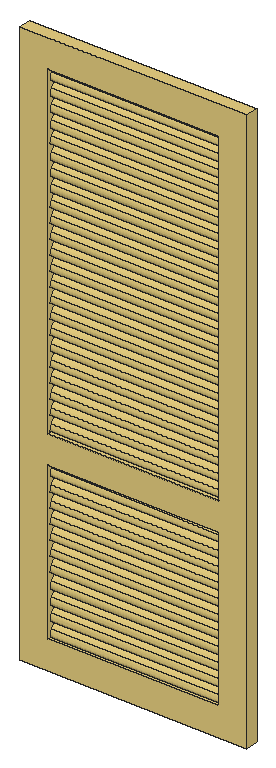
Revit family "DSP_A3-Louvre", category Generic Models, Revit 2016
Family settings
  Part Type = Undefined
  Can host rebar = No
  Round Connector Dimension = Use Diameter
  Work Plane-Based = No
  Always vertical = Yes
  Cut with Voids When Loaded = No
  Shared = No
  Room Calculation Point = No
Parameters (values of type "Door")
  URL for TCP = "http://www.tcpbim.co.za"
  URL = "http://www.a3architects.co.za/"
  Top Inside = ((Panel Height * 0.66) - (Offset * 3)) - (Edge * 2)  # 997.12 mm
  Top Array = Top Inside / Panel Thickness  # 23
  Panel Width = 813 mm
  Panel Thickness = 44 mm
  Panel Material = Meranti Wood
  Panel Height = 2032 mm
  Offset = 100 mm
  Manufacturer = "A3 Architects"
  Made by = "Tolani Civil Projects cc"
  Louver Width = Panel Width - (Offset * 2)  # 613 mm
  Louver Angle = 25.00°
  Edge = Panel Thickness / 2  # 22 mm
  Bottom Inside = ((Panel Height * 0.399) - (Offset * 3)) - (Edge * 2)  # 466.768 mm
  Bottom Array = Bottom Inside / Panel Thickness  # 11
Reference planes
  plane 1 "Center (Front/Back)": y = 0
  plane 2: z = 0
  plane 3 "Center (Left/Right)": x = 102.473
  plane 4: y = 22
  plane 5: x = -304.027
  plane 6: x = 508.973
  plane 7: y = -22
  plane 8: z = 2032
  plane 9: z = 1932
  plane 10: z = 100
  plane 11: x = -204.027
  plane 12: x = 408.973
  plane 13: z = 710.667
  plane 14: z = 1321.333
  plane 15: z = 760.667
  plane 16: z = 660.667
  plane 17: z = 638.667
  plane 18: z = 122
  plane 19: z = 1910
  plane 20: z = 782.667
Forms (mm)
  Sweep 1, solid, material "Meranti Wood" <- "Panel Material"
    path origin (0, 0, 0) x (1, 0, 0) y (0, 0, 1)
      loop
        line (-304.027, 2032) -> (-304.027, 0) -> (508.973, 0) -> (508.973, 2032) -> (-304.027, 2032)
    profile origin (102.473, 0, 2032) x (0, 0, 1) y (0, -1, 0)
      loop
        line (0, -22) -> (0, 22) -> (-100, 22) -> (-100, -22) -> (0, -22)
  Sweep 2, solid, material "Meranti Wood" <- "Panel Material"
    path origin (0, 0, 0) x (1, 0, 0) y (0, 0, 1)
      loop
        line (-204.027, 710.667) -> (408.973, 710.667)
    profile origin (102.473, 0, 710.667) x (0, 0, 1) y (0, -1, 0)
      loop
        line (50, -22) -> (50, 22) -> (-50, 22) -> (-50, -22) -> (50, -22)
Cuts and joins
  joined: Sweep 1, Sweep 2
Dimensions and locks
  equal spacing: plane 4, plane 1 "Center (Front/Back)", plane 7
  "Panel Thickness": plane 4 to plane 7
  equal spacing: plane 5, plane 3 "Center (Left/Right)", plane 6
  "Panel Width": plane 5 to plane 6
  "Panel Height": plane 8 to level
  "Offset": plane 11 to plane 5
  "Offset": plane 6 to plane 12
  "Offset": plane 8 to plane 9
  "Offset": plane 10 to level
  equal spacing: plane 9, plane 14, plane 13, plane 10
  equal spacing: plane 15, plane 13, plane 16
  "Offset": plane 15 to plane 16
  "Edge": plane 18 to plane 10
  "Edge": plane 16 to plane 17
  "Edge": plane 20 to plane 15
  "Edge": plane 9 to plane 19
  equal spacing: group 1, group 5, group 6, group 7, group 8, group 9, group 31, group 32, group 33, group 34, group 2  (x3)
  equal spacing: group 3, group 10, group 11, group 12, group 13, group 14, group 15, group 16, group 17, group 18, group 19, group 20, group 21, group 22, group 23, group 24, group 25, group 26, group 27, group 28, group 29, group 30, group 4  (x3)
  aligned and locked: plane 5 to Sweep 1 sketch curve
  aligned and locked: Sweep 1 sketch curve to plane 8
  aligned and locked: level to Sweep 1 sketch curve
  aligned and locked: plane 6 to Sweep 1 sketch curve
  aligned and locked: plane 4 to Sweep 1 sketch curve
  aligned and locked: Sweep 1 sketch curve to profile plane
  aligned and locked: plane 9 to Sweep 1 sketch curve
  aligned and locked: plane 7 to Sweep 1 sketch curve
  aligned and locked: plane 12 to Sweep 2 sketch curve
  aligned and locked: plane 11 to Sweep 2 sketch curve
  aligned and locked: Sweep 2 sketch curve to plane 13
  aligned and locked: plane 4 to Sweep 2 sketch curve
  aligned and locked: plane 15 to Sweep 2 sketch curve
  aligned and locked: plane 16 to Sweep 2 sketch curve
  aligned and locked: plane 7 to Sweep 2 sketch curve
  aligned and locked: plane 3 "Center (Left/Right)" to nested 1
  aligned and locked: plane 1 "Center (Front/Back)" to nested 1
  aligned and locked: plane 18 to nested 1
  aligned and locked: plane 3 "Center (Left/Right)" to nested 2
  aligned and locked: plane 1 "Center (Front/Back)" to nested 2
  aligned and locked: plane 20 to nested 2
  aligned and locked: plane 3 "Center (Left/Right)" to nested 3
  aligned and locked: plane 1 "Center (Front/Back)" to nested 3
  aligned and locked: plane 3 "Center (Left/Right)" to nested 4
  aligned and locked: plane 1 "Center (Front/Back)" to nested 4
  aligned and locked: plane 17 to nested 3
  aligned and locked: plane 19 to nested 4
Nested families
  nested 1: "Louver" at (102.473, 0, -677.219), type "Louver"
    with Width 613 mm
  nested 2: "Louver" at (102.473, 0, -16.553), type "Louver"
    with Width 613 mm
  nested 3: "Louver" at (102.473, 0, -160.553), type "Louver"
    with Width 613 mm
  nested 4: "Louver" at (102.473, 0, 1110.781), type "Louver"
    with Width 613 mm
  nested 5: "Louver" at (102.473, 0, -625.553), type "Louver"
    with Width 613 mm
  nested 6: "Louver" at (102.473, 0, -573.886), type "Louver"
    with Width 613 mm
  nested 7: "Louver" at (102.473, 0, -522.219), type "Louver"
    with Width 613 mm
  nested 8: "Louver" at (102.473, 0, -470.553), type "Louver"
    with Width 613 mm
  nested 9: "Louver" at (102.473, 0, -418.886), type "Louver"
    with Width 613 mm
  nested 10: "Louver" at (102.473, 0, 34.69), type "Louver"
    with Width 613 mm
  nested 11: "Louver" at (102.473, 0, 85.932), type "Louver"
    with Width 613 mm
  nested 12: "Louver" at (102.473, 0, 137.175), type "Louver"
    with Width 613 mm
  nested 13: "Louver" at (102.473, 0, 188.417), type "Louver"
    with Width 613 mm
  nested 14: "Louver" at (102.473, 0, 239.659), type "Louver"
    with Width 613 mm
  nested 15: "Louver" at (102.473, 0, 290.902), type "Louver"
    with Width 613 mm
  nested 16: "Louver" at (102.473, 0, 342.144), type "Louver"
    with Width 613 mm
  nested 17: "Louver" at (102.473, 0, 393.387), type "Louver"
    with Width 613 mm
  nested 18: "Louver" at (102.473, 0, 444.629), type "Louver"
    with Width 613 mm
  nested 19: "Louver" at (102.473, 0, 495.872), type "Louver"
    with Width 613 mm
  nested 20: "Louver" at (102.473, 0, 547.114), type "Louver"
    with Width 613 mm
  nested 21: "Louver" at (102.473, 0, 598.356), type "Louver"
    with Width 613 mm
  nested 22: "Louver" at (102.473, 0, 649.599), type "Louver"
    with Width 613 mm
  nested 23: "Louver" at (102.473, 0, 700.841), type "Louver"
    with Width 613 mm
  nested 24: "Louver" at (102.473, 0, 752.084), type "Louver"
    with Width 613 mm
  nested 25: "Louver" at (102.473, 0, 803.326), type "Louver"
    with Width 613 mm
  nested 26: "Louver" at (102.473, 0, 854.568), type "Louver"
    with Width 613 mm
  nested 27: "Louver" at (102.473, 0, 905.811), type "Louver"
    with Width 613 mm
  nested 28: "Louver" at (102.473, 0, 957.053), type "Louver"
    with Width 613 mm
  nested 29: "Louver" at (102.473, 0, 1008.296), type "Louver"
    with Width 613 mm
  nested 30: "Louver" at (102.473, 0, 1059.538), type "Louver"
    with Width 613 mm
  nested 31: "Louver" at (102.473, 0, -367.219), type "Louver"
    with Width 613 mm
  nested 32: "Louver" at (102.473, 0, -315.553), type "Louver"
    with Width 613 mm
  nested 33: "Louver" at (102.473, 0, -263.886), type "Louver"
    with Width 613 mm
  nested 34: "Louver" at (102.473, 0, -212.219), type "Louver"
    with Width 613 mm
Definition of nested family "Louver"
  Parameters
    Width = 1040 mm
    Thickness = 44 mm
    Quarter = Half / 2  # 11 mm
    Material = none
    Louver Angle = 25.00°
    Half = Thickness / 2  # 22 mm
  Reference planes
    plane 1 "Center (Front/Back)": y = 0
    plane 2: z = 0
    plane 3 "Center (Left/Right)": x = 0
    plane 4: z = 799.219
  Forms (mm)
    Sweep 1, solid, material <- "Material"
      path origin (0, 0, 0) x (1, 0, 0) y (0, 0, 1)
        loop
          line (-520, 799.219) -> (520, 799.219)
      profile origin (0, 0, 799.219) x (0, 0, 1) y (0, -1, 0)
        loop
          spline (-4.649, -9.969) -> (0.67, -12.036) -> (5.943, -13.283) -> (10.812, -13.624) -> (14.943, -13.037) -> (18.056, -11.561) -> (19.939, -9.298) -> (20.463, -6.401) -> (19.592, -3.067) -> (17.386, 0.475) -> (13.995, 3.985) -> (9.651, 7.223) -> (4.649, 9.969)
          spline (4.649, 9.969) -> (-0.67, 12.036) -> (-5.943, 13.283) -> (-10.812, 13.624) -> (-14.943, 13.037) -> (-18.056, 11.561) -> (-19.939, 9.298) -> (-20.463, 6.401) -> (-19.592, 3.067) -> (-17.386, -0.475) -> (-13.995, -3.985) -> (-9.651, -7.223) -> (-4.649, -9.969)
  Dimensions and locks
    equal spacing: Sweep 1 sketch curve, plane 3 "Center (Left/Right)", Sweep 1 sketch curve
    "Width": Sweep 1 sketch curve to Sweep 1 sketch curve
    "Quarter": Sweep 1 sketch curve to Sweep 1 sketch curve
    "Half": Sweep 1 sketch curve to Sweep 1 sketch curve
    "Louver Angle": angle profile plane to Sweep 1 sketch curve
    aligned and locked: Sweep 1 sketch curve to plane 4
    aligned and locked: profile plane to Sweep 1 sketch curve  (x2)
